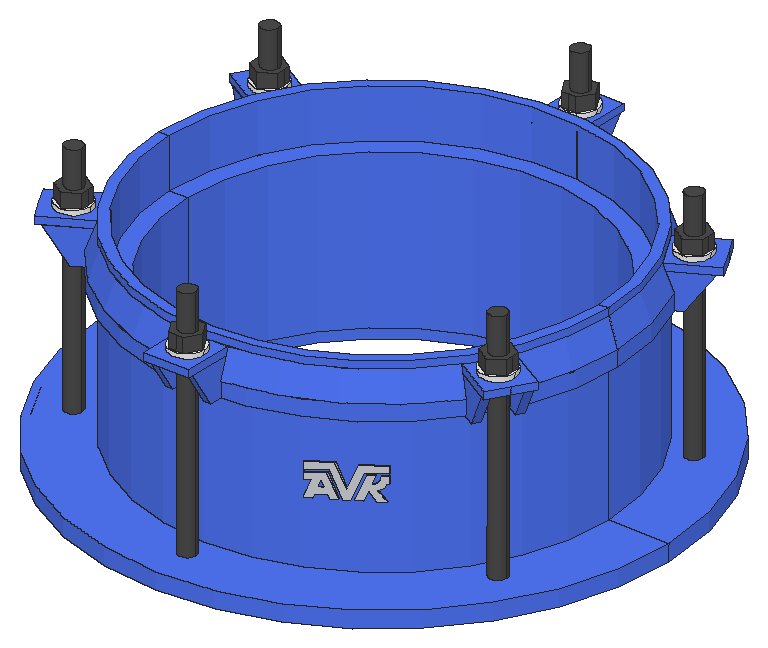
Revit family "603-A-6100-DN250", category Pipe Accessories, Revit 2019
Family settings
  Round Connector Dimension = Use Diameter
  Part Type = Valve - Breaks Into
  Work Plane-Based = No
  Always vertical = Yes
  Cut with Voids When Loaded = No
  Shared = No
Parameters (values of type "DN250_280 - 306")
  Washer_Ref = Bolt_Ref + 10 mm  # 35 mm
  Washer = 3 mm  # constant formula
  URL product pages = "https://www.avkvalves.com/P.aspx?no=6033060006100"
  Search_table = "603-A-6100-DN250"
  Rib_width = size_lookup(Search_table, "Rib_width", 0 mm, [Nomianal_Diameter(DN)])  # 410 mm
  Rib_length = 32 mm  # constant formula
  Rib_Thickness = 5 mm  # constant formula
  PCD = size_lookup(Search_table, "PCD", 0 mm, [Nomianal_Diameter(DN)])  # 350 mm
  Nut = 10 mm  # constant formula
  Max_Height = size_lookup(Search_table, "Max_Height", 0 mm, [Nomianal_Diameter(DN)])  # 180 mm
  L1 = size_lookup(Search_table, "L1", 0 mm, [Nomianal_Diameter(DN)])  # 58 mm
  L = size_lookup(Search_table, "L", 0 mm, [Nomianal_Diameter(DN)]) - 7 mm  # 112 mm
  ID = [Nomianal_Diameter(DN)] / 2  # 125.1 mm
  Nomianal_Diameter(DN) = 250.2 mm
  H1 = size_lookup(Search_table, "H1", 0 mm, [Nomianal_Diameter(DN)])  # 35 mm
  Description_ = "AVK UNIVERSAL SUPA® FLANGE ADAPTOR"
  DN2_ref = DN2 * 2  # 280 mm
  DN250_280 - 306 = "603-306-000-6100"
  DN250_266 - 292 = "603-292-000-6100"
  DN250_242 - 268 = "603-268-000-6100"
  DN2 = size_lookup(Search_table, "DN2", 0 mm, [Nomianal_Diameter(DN)]) / 2  # 140 mm
  DN1_ref = DN1 * 2  # 306 mm
  DN1 = size_lookup(Search_table, "DN1", 0 mm, [Nomianal_Diameter(DN)]) / 2  # 153 mm
  D4 = (PCD / 2) + Bottom_Flange_Thicckness  # 187 mm
  D3 = size_lookup(Search_table, "D3", 0 mm, [Nomianal_Diameter(DN)])  # 166.8 mm
  D2 = size_lookup(Search_table, "D2", 0 mm, [Nomianal_Diameter(DN)]) / 2  # 160 mm
  D = size_lookup(Search_table, "D", 0 mm, [Nomianal_Diameter(DN)]) / 2  # 203 mm
  Bottom_Flange_Thicckness = 12 mm  # constant formula
  Bottm_height_2 = size_lookup(Search_table, "Bottm_height_2", 0 mm, [Nomianal_Diameter(DN)])  # 10 mm
  Bottm_height = size_lookup(Search_table, "Bottm_height", 0 mm, [Nomianal_Diameter(DN)])  # 7 mm
  Bottm_cut = size_lookup(Search_table, "Bottm_cut", 0 mm, [Nomianal_Diameter(DN)]) / 2  # 159.5 mm
  Bolt_width = 20 mm  # constant formula
  Bolt_Ref = Max_Height - (L + (H1 - Rib_Thickness) + 13 mm)  # 25 mm
Types (4, lengths in mm): name | Washer_Ref | Max_Height | ID | Nomianal_Diameter(DN) | DN2_ref | DN2 | DN1_ref | DN1 | D2 | Bottm_height_2 | Bolt_Ref
  (no name) | 35 | 180 | 125.1 | 250.2 | 280 | 140 | 306 | 153 | 160 | 10 | 25
  DN250_266 - 292 | 35 | 180 | 125.05 | 250.1 | 266 | 133 | 292 | 146 | 155 | 10 | 25
  DN250_280 - 306 | 35 | 180 | 125.1 | 250.2 | 280 | 140 | 306 | 153 | 160 | 10 | 25
  DN250_242 - 268 | 30 | 175 | 125 | 250 | 242 | 121 | 268 | 134 | 145 | 5 | 20
Reference planes
  plane 1 "Center (Front/Back)": y = 0
  plane 2: z = 0
  plane 3 "Center (Left/Right)": x = 0
  plane 4: y = 205
  plane 5: y = -205
  plane 6: x = -205
  plane 7: x = 205
  plane 8: z = 180
  plane 9: z = 159
  plane 10: y = -12.5
  plane 11: y = 12.5
  plane 12: x = 11
  plane 13: x = -11
  plane 14: y = 175
  plane 15: y = -175
  plane 16: x = 0
  plane 17: x = 0
  plane 18: y = -165
  plane 19: y = -185
  plane 20: x = -5
  plane 21: x = 5
  plane 22: x = 5
  plane 23: x = -5
  plane 24: x = 11
  plane 25: x = -11
  plane 26: y = 175
  plane 27: y = 185
  plane 28: y = 165
  plane 29: x = -5
  plane 30: x = 5
  plane 31: x = 11
  plane 32: x = -11
  plane 33: x = 11
  plane 34: x = -11
  plane 35: x = 64.5
  plane 36: x = -64.5
  plane 37: y = 64.5
  plane 38: y = -64.5
  plane 39: through (0, 0, 1200) normal (-0.5, 0.866, 0)
  plane 40: x = 151.208
  plane 41: x = 151.208
  plane 42: x = 161.208
  plane 43: x = 141.208
  plane 44: y = 86.187
  plane 45: y = 63.813
  plane 46: y = 80
  plane 47: y = 80
  plane 48: y = 70
  plane 49: y = 70
  plane 50: y = 86.187
  plane 51: y = 63.813
  plane 52: x = 151.208
  plane 53: x = 151.208
  plane 54: x = 161.208
  plane 55: x = 141.208
  plane 56: y = -86.187
  plane 57: y = -63.813
  plane 58: y = -80
  plane 59: y = -80
  plane 60: y = -70
  plane 61: y = -70
  plane 62: y = -86.187
  plane 63: y = -63.813
  plane 64: x = -11
  plane 65: x = -11
  plane 66: x = -11
  plane 67: x = -151.208
  plane 68: x = -151.208
  plane 69: x = -161.208
  plane 70: x = -141.208
  plane 71: y = 86.187
  plane 72: y = 63.813
  plane 73: y = 80
  plane 74: y = 80
  plane 75: y = 70
  plane 76: y = 70
  plane 77: y = 86.187
  plane 78: y = 63.813
  plane 79: x = -151.208
  plane 80: x = -151.208
  plane 81: x = -161.208
  plane 82: x = -141.208
  plane 83: y = -86.187
  plane 84: y = -63.813
  plane 85: y = -80
  plane 86: y = -80
  plane 87: y = -70
  plane 88: y = -70
  plane 89: y = -86.187
  plane 90: y = -63.813
  plane 91: through (-146.238, -72.708, 1200) normal (-0.5, 0.866, 0)
  plane 92: through (0, 0, 1200) normal (-0.5, -0.866, 0)
  plane 93: through (0, 0, 1200) normal (0.5, 0.866, 0)
  plane 94: through (0, 0, 1200) normal (0.5, -0.866, 0)
  plane 95: y = 175
  plane 96: y = -175
  plane 97: y = -86.9
  plane 98: y = 87.7
  plane 99: y = -87.7
  plane 100: y = 86.9
  plane 101: z = -7
  plane 102: x = -203
  plane 103: x = 203
Forms (mm)
  Revolve 1, solid, material "Plastic"
    sketch origin (0, 0, 0) x (1, 0, 0) y (0, 0, 1)
      loop
        line (0, 0) -> (203, 0) -> (203, 12) -> (160, 12) -> (160, 112) -> (166.8, 112) -> (166.8, 123) -> (160, 142) -> (160, 147) -> (0, 147) -> (0, 0)
      axis (0, 0) -> (0, 147)
    angle from 0 to 360
  Extrusion 2, solid, material "Plastic"
    sketch origin (0, 0, 0) x (1, 0, 0) y (0, 0, 1)
      loop
        line (-16, 142) -> (-16, 137) -> (16, 137) -> (16, 142) -> (-16, 142)
    from -193.969 to 193.969
  Extrusion 3, solid, material "Stainless Steel AISI 304"
    sketch origin (0, 0, 0) x (1, 0, 0) y (0, 1, 0)
      loop
        circle (0, 175) r 6
      loop
        circle (0, -175) r 6
      loop
        circle (151.208, 87.3) r 6
      loop
        circle (-151.211, 87.292) r 6
      loop
        circle (151.208, -87.3) r 6
      loop
        circle (-151.211, -87.292) r 6
    from 12 to 180
  Extrusion 4, solid, material "Plastic"
    sketch origin (0, 0, 0) x (0, 1, 0) y (0, 0, 1)
      loop
        line (189.941, 137) -> (-189.949, 137) -> (-173.799, 112) -> (170.418, 112) -> (189.941, 137)
    from 11 to 16
  Extrusion 5, solid, material "Stainless Steel AISI 304"
    sketch origin (0, 0, 0) x (1, 0, 0) y (0, 1, 0)
      loop
        line (0, -165) -> (-5, -165) -> (-11, -175) -> (-5, -185) -> (0, -185) -> (5, -185) -> (11, -175) -> (5, -165) -> (0, -165)
      loop
        line (0, 185) -> (-5, 185) -> (-11, 175) -> (-5, 165) -> (0, 165) -> (5, 165) -> (11, 175) -> (5, 185) -> (0, 185)
      loop
        line (141.208, 87.3) -> (141.208, 82.3) -> (151.208, 76.113) -> (161.208, 82.3) -> (161.208, 87.3) -> (161.208, 92.3) -> (151.208, 98.487) -> (141.208, 92.3) -> (141.208, 87.3)
      loop
        line (141.208, -87.3) -> (141.208, -92.3) -> (151.208, -98.487) -> (161.208, -92.3) -> (161.208, -87.3) -> (161.208, -82.3) -> (151.208, -76.113) -> (141.208, -82.3) -> (141.208, -87.3)
      loop
        line (-141.208, 87.3) -> (-141.208, 92.3) -> (-151.208, 98.487) -> (-161.208, 92.3) -> (-161.208, 87.3) -> (-161.208, 82.3) -> (-151.208, 76.113) -> (-141.208, 82.3) -> (-141.208, 87.3)
      loop
        line (-141.208, -87.3) -> (-141.208, -82.3) -> (-151.208, -76.113) -> (-161.208, -82.3) -> (-161.208, -87.3) -> (-161.208, -92.3) -> (-151.208, -98.487) -> (-141.208, -92.3) -> (-141.208, -87.3)
    from 145 to 155
  Extrusion 6, solid, material "Stainless Steel AISI 304(1)"
    sketch origin (0, 0, 0) x (1, 0, 0) y (0, 1, 0)
      loop
        circle (0, 175) r 11.994
      loop
        circle (0, -175) r 12
      loop
        circle (151.208, 87.3) r 12
      loop
        circle (151.208, -87.3) r 12
      loop
        circle (-151.208, 87.3) r 12
      loop
        circle (-151.208, -87.3) r 12
    from 142 to 145
  Revolve 7, solid, material "Plastic"
    sketch origin (0, 0, 0) x (1, 0, 0) y (0, 0, 1)
      loop
        line (140, 0) -> (140, -7) -> (159.5, -7) -> (159.5, 0) -> (140, 0)
      axis (0, -7) -> (0, 0)
    angle from 0 to 360
  Extrusion 8, solid, material "Plastic"
    sketch origin (-149.152, 67.649, 0) x (0.866201, -0.499696, 0) y (0, 0, 1)
      loop
        line (-12.634, 112) -> (337.6, 112) -> (353.26, 137) -> (-26.74, 137) -> (-12.634, 112)
    from 0.01 to -5.38
  Extrusion 9, solid, material "Plastic"
    sketch origin (0, 0, 0) x (1, 0, 0) y (0, 1, 0)
      loop
        line (167.982, 96.985) -> (159.966, 110.87) -> (0, 18.514) -> (-159.966, 110.87) -> (-167.982, 96.985) -> (-175.999, 83.099) -> (-32.066, 0) -> (-175.999, -83.099) -> (-167.982, -96.985) -> (-159.966, -110.87) -> (0, -18.514) -> (159.966, -110.87) -> (167.982, -96.985) -> (175.999, -83.099) -> (32.066, 0) -> (175.999, 83.099) -> (167.982, 96.985)
    from 137 to 142
  Extrusion 10, solid, material "Plastic"
    sketch origin (-133.162, 95.345, 0) x (0.86585, -0.500304, 0) y (0, 0, -1)
      loop
        line (-12.634, -112) -> (-26.74, -137) -> (353.26, -137) -> (337.6, -112) -> (-12.634, -112)
    from 0.01 to -5.38
  Revolve 11, solid, material "Stainless Steel AISI 304"
    sketch origin (0, 0, 0) x (0, 1, 0) y (0, 0, 1)
      loop
        line (175, 0) -> (160, 0) -> (160, -1.032)
        arc (160, -1.032) -> (167.452, -2.393) -> (175, -3.031) r 78.7
        line (175, -3.031) -> (175, 0)
      axis (175, -3.031) -> (175, 0)
    angle from 0 to 360
  Revolve 12, solid, material "Stainless Steel AISI 304"
    sketch origin (0, 0, 0) x (0, -1, 0) y (0, 0, 1)
      loop
        line (175, 0) -> (160, 0) -> (160, -1.032)
        arc (160, -1.032) -> (167.452, -2.393) -> (175, -3.031) r 78.7
        line (175, -3.031) -> (175, 0)
      axis (175, -3.031) -> (175, 0)
    angle from 0 to 360
  Revolve 13, solid, material "Stainless Steel AISI 304"
    sketch origin (-151.208, -261.9, 0) x (0, 1, 0) y (0, 0, 1)
      loop
        line (175, 0) -> (160, 0) -> (160, -1.032)
        arc (160, -1.032) -> (167.452, -2.393) -> (175, -3.031) r 78.7
        line (175, -3.031) -> (175, 0)
      axis (175, -3.031) -> (175, 0)
    angle from 0 to 360
  Revolve 14, solid, material "Stainless Steel AISI 304"
    sketch origin (-151.208, -87.3, 0) x (0, 1, 0) y (0, 0, 1)
      loop
        line (175, 0) -> (160, 0) -> (160, -1.032)
        arc (160, -1.032) -> (167.452, -2.393) -> (175, -3.031) r 78.7
        line (175, -3.031) -> (175, 0)
      axis (175, -3.031) -> (175, 0)
    angle from 0 to 360
  Revolve 15, solid, material "Stainless Steel AISI 304"
    sketch origin (151.208, 87.3, 0) x (0, -1, 0) y (0, 0, 1)
      loop
        line (175, 0) -> (160, 0) -> (160, -1.032)
        arc (160, -1.032) -> (167.452, -2.393) -> (175, -3.031) r 78.7
        line (175, -3.031) -> (175, 0)
      axis (175, -3.031) -> (175, 0)
    angle from 0 to 360
  Revolve 16, solid, material "Stainless Steel AISI 304"
    sketch origin (151.208, 261.9, 0) x (0, -1, 0) y (0, 0, 1)
      loop
        line (175, 0) -> (160, 0) -> (160, -1.032)
        arc (160, -1.032) -> (167.452, -2.393) -> (175, -3.031) r 78.7
        line (175, -3.031) -> (175, 0)
      axis (175, -3.031) -> (175, 0)
    angle from 0 to 360
  Extrusion 17, solid, material "Plastic"
    sketch origin (149.152, 67.649, 0) x (-0.866201, -0.499696, 0) y (0, 0, -1)
      loop
        line (-26.951, -137) -> (352.965, -137) -> (337.212, -112) -> (-4.325, -112) -> (-8.306, -112) -> (-26.951, -137)
    from 0.01 to -5.38
  Extrusion 18, solid, material "Plastic"
    sketch origin (0, 0, 0) x (0, 1, 0) y (0, 0, -1)
      loop
        line (189.941, -137) -> (170.418, -112) -> (-173.799, -112) -> (-189.949, -137) -> (189.941, -137)
    from 11 to 16
  Extrusion 19, solid, material "Plastic"
    sketch origin (133.162, 95.345, 0) x (-0.86585, -0.500304, 0) y (0, 0, 1)
      loop
        line (-26.951, 137) -> (-8.306, 112) -> (-4.325, 112) -> (337.212, 112) -> (352.965, 137) -> (-26.951, 137)
    from 0.01 to -5.38
  Revolve 20, void
    sketch origin (0, 0, 0) x (1, 0, 0) y (0, 0, 1)
      loop
        line (159.5, 0) -> (198, 0) -> (198, 10) -> (159.5, 10) -> (159.5, 0)
      axis (0, 0) -> (0, 10)
    angle from 0 to 360
  Revolve 21, void
    sketch origin (0, 0, 0) x (1, 0, 0) y (0, 0, 1)
      loop
        line (0, 147) -> (0, -7) -> (140, -7) -> (140, 112) -> (153, 112) -> (153, 147) -> (0, 147)
      axis (0, -7) -> (0, 147)
    angle from 0 to 360
Cuts and joins
  Revolve 20, Revolve 21 cuts Revolve 1
  Revolve 20, Revolve 21 cuts Revolve 7
  Revolve 20 cuts Revolve 11
  Revolve 20 cuts Revolve 12
  Revolve 20 cuts Revolve 13
  Revolve 20 cuts Revolve 14
  Revolve 20 cuts Revolve 15
  Revolve 20 cuts Revolve 16
  Revolve 21 cuts Extrusion 2
  Revolve 21 cuts Extrusion 4
  Revolve 21 cuts Extrusion 8
  Revolve 21 cuts Extrusion 9
  Revolve 21 cuts Extrusion 10
  Revolve 21 cuts Extrusion 17
  Revolve 21 cuts Extrusion 18
  Revolve 21 cuts Extrusion 19
Dimensions and locks
  "D": Revolve 1 sketch curve to plane 3 "Center (Left/Right)"
  "Bottom_Flange_Thicckness": Revolve 1 sketch curve to Revolve 1 sketch curve
  "L": Revolve 1 sketch curve to Revolve 1 sketch curve
  "H1": Revolve 1 sketch curve to Revolve 1 sketch curve
  "D2": Revolve 1 sketch curve to Revolve 1 sketch curve  (x2)
  "D3": Revolve 1 sketch curve to Revolve 1 sketch curve
  equal spacing: Extrusion 2 sketch curve, plane 3 "Center (Left/Right)", Extrusion 2 sketch curve
  "Rib_length": Extrusion 2 sketch curve to Extrusion 2 sketch curve
  equal spacing: plane 4, plane 1 "Center (Front/Back)", plane 5
  "Rib_width": plane 4 to plane 5
  equal spacing: plane 6, plane 3 "Center (Left/Right)", plane 7
  "Rib_width": plane 6 to plane 7
  equal spacing: Extrusion 3 sketch curve, plane 1 "Center (Front/Back)", Extrusion 3 sketch curve
  "PCD": Extrusion 3 sketch curve to Extrusion 3 sketch curve
  "Max_Height": plane 8 to level
  "Rib_Thickness": Extrusion 2 sketch curve to Extrusion 2 sketch curve
  "Rib_Thickness": Extrusion 2 to plane 12
  "Rib_Thickness": Extrusion 2 to plane 13
  equal spacing: plane 14, plane 1 "Center (Front/Back)", plane 15
  "PCD": plane 14 to plane 15
  equal spacing: plane 20, plane 17, plane 21
  equal spacing: plane 18, plane 15, plane 19
  plane 20 to plane 21 = 10 mm
  "Bolt_width": plane 18 to plane 19
  equal spacing: plane 29, plane 17, plane 30
  equal spacing: plane 28, plane 26, plane 27
  plane 29 to plane 30 = 10 mm
  "Bolt_width": plane 28 to plane 27
  equal spacing: Extrusion 6 sketch curve, plane 1 "Center (Front/Back)", Extrusion 6 sketch curve
  "PCD": Extrusion 6 sketch curve to Extrusion 6 sketch curve
  "DN2": Revolve 7 sketch curve to plane 3 "Center (Left/Right)"
  "Bottm_cut": Revolve 7 sketch curve to plane 3 "Center (Left/Right)"
  "Rib_Thickness": Revolve 1 sketch curve to Revolve 1 sketch curve
  "Washer_Ref": plane 8 to Extrusion 6
  "Bolt_Ref": plane 8 to Extrusion 5
  equal spacing: plane 42, plane 41, plane 43
  plane 46 to plane 48 = 10 mm
  plane 47 to plane 49 = 10 mm
  "Bolt_width": plane 42 to plane 43
  equal spacing: plane 54, plane 53, plane 55
  plane 58 to plane 60 = 10 mm
  plane 59 to plane 61 = 10 mm
  "Bolt_width": plane 54 to plane 55
  equal spacing: plane 69, plane 68, plane 70
  plane 73 to plane 75 = 10 mm
  plane 74 to plane 76 = 10 mm
  "Bolt_width": plane 69 to plane 70
  equal spacing: plane 81, plane 80, plane 82
  plane 85 to plane 87 = 10 mm
  plane 86 to plane 88 = 10 mm
  "Bolt_width": plane 81 to plane 82
  Revolve 11 sketch curve to Revolve 11 sketch curve = 15 mm
  Revolve 12 sketch curve to Revolve 12 sketch curve = 15 mm
  Revolve 13 sketch curve to Revolve 13 sketch curve = 15 mm
  Revolve 14 sketch curve to Revolve 14 sketch curve = 15 mm
  Revolve 15 sketch curve to Revolve 15 sketch curve = 15 mm
  Revolve 16 sketch curve to Revolve 16 sketch curve = 15 mm
  "Bottm_height": level to plane 101
  cut or joined group of Revolve 1, Revolve 20, Revolve 21 to cut or joined group of Revolve 7, Revolve 20, Revolve 21 = 119 mm
  equal spacing: plane 103, plane 3 "Center (Left/Right)", plane 102
  plane 103 to plane 102 = 406 mm
  "D": plane 103 to plane 3 "Center (Left/Right)"
  plane 8 to cut or joined group of Revolve 7, Revolve 20, Revolve 21 = 187 mm
  locked: plane 103 to Revolve 20 sketch curve at 5
  plane 8 to cut or joined group of Revolve 1, Revolve 20, Revolve 21 = 170 mm
  "Bottm_height_2": Revolve 20 sketch curve to cut or joined group of Revolve 1, Revolve 20, Revolve 21
  "Bottm_cut": Revolve 20 sketch curve to plane 3 "Center (Left/Right)"
  locked: plane 1 "Center (Front/Back)" to plane 97 at 86.9
  locked: plane 98 to plane 1 "Center (Front/Back)" at 87.7
  locked: plane 1 "Center (Front/Back)" to plane 99 at 87.7
  locked: plane 1 "Center (Front/Back)" to plane 96 at 175
  "DN1": Revolve 21 sketch curve to plane 3 "Center (Left/Right)"
  "DN2": Revolve 21 sketch curve to plane 3 "Center (Left/Right)"
  radius of Extrusion 6 sketch curve = 11.994 mm
  radius of Extrusion 6 sketch curve = 12 mm  (x5)
  radius of Extrusion 3 sketch curve = 6 mm  (x4)
  aligned and locked: level to plane 2
  aligned and locked: Revolve 1 sketch curve to plane 3 "Center (Left/Right)"
  aligned and locked: Revolve 1 sketch curve to Revolve 1 sketch curve
  aligned and locked: Revolve 1 to Extrusion 2 sketch curve
  aligned and locked: Extrusion 3 to plane 8
  aligned and locked: Extrusion 2 to Extrusion 4 sketch curve
  aligned and locked: Extrusion 4 to Extrusion 2
  aligned and locked: Extrusion 4 to plane 12
  aligned and locked: plane 22 to Extrusion 5 sketch curve
  aligned and locked: plane 18 to Extrusion 5 sketch curve  (x2)
  aligned and locked: Extrusion 5 sketch curve to plane 23
  aligned and locked: plane 20 to Extrusion 5 sketch curve
  aligned and locked: plane 19 to Extrusion 5 sketch curve  (x2)
  aligned and locked: Extrusion 5 sketch curve to plane 21
  aligned and locked: plane 24 to Extrusion 5 sketch curve
  aligned and locked: plane 15 to Extrusion 5 sketch curve  (x2)
  aligned and locked: Extrusion 5 sketch curve to plane 25
  aligned and locked: plane 28 to Extrusion 5 sketch curve  (x2)
  aligned and locked: plane 30 to Extrusion 5 sketch curve  (x2)
  aligned and locked: Extrusion 5 sketch curve to plane 29  (x2)
  aligned and locked: plane 27 to Extrusion 5 sketch curve  (x2)
  aligned and locked: plane 34 to Extrusion 5 sketch curve
  aligned and locked: Extrusion 5 sketch curve to plane 33
  aligned and locked: plane 26 to Extrusion 5 sketch curve  (x2)
  aligned and locked: plane 26 to plane 14
  aligned and locked: plane 3 "Center (Left/Right)" to Revolve 7 sketch curve
  aligned and locked: Revolve 1 to Revolve 7
  aligned and locked: Extrusion 3 to Revolve 1
  aligned and locked: Extrusion 5 to Extrusion 6
  aligned and locked: plane 43 to Extrusion 5 sketch curve  (x2)
  aligned and locked: plane 42 to Extrusion 5 sketch curve  (x2)
  aligned and locked: plane 41 to Extrusion 5 sketch curve  (x2)
  aligned and locked: plane 41 to plane 40
  aligned and locked: Extrusion 5 sketch curve to plane 55  (x2)
  aligned and locked: Extrusion 5 sketch curve to plane 54  (x2)
  aligned and locked: Extrusion 5 sketch curve to plane 53  (x2)
  aligned and locked: plane 52 to plane 53
  aligned and locked: Extrusion 5 sketch curve to plane 70  (x2)
  aligned and locked: Extrusion 5 sketch curve to plane 69  (x2)
  aligned and locked: Extrusion 5 sketch curve to plane 68  (x2)
  aligned and locked: plane 67 to plane 68
  aligned and locked: plane 82 to Extrusion 5 sketch curve  (x2)
  aligned and locked: plane 81 to Extrusion 5 sketch curve  (x2)
  aligned and locked: plane 80 to Extrusion 5 sketch curve  (x2)
  aligned and locked: plane 80 to plane 79
  aligned and locked: Revolve 11 sketch curve to plane 95  (x2)
  aligned and locked: plane 96 to Revolve 12 sketch curve  (x2)
  aligned and locked: Revolve 13 sketch curve to plane 97  (x2)
  aligned and locked: Revolve 14 sketch curve to plane 98  (x2)
  aligned and locked: plane 99 to Revolve 15 sketch curve  (x2)
  aligned and locked: plane 100 to Revolve 16 sketch curve  (x2)
  aligned and locked: Revolve 11 to Revolve 20 sketch curve
  aligned and locked: plane 3 "Center (Left/Right)" to Revolve 20 sketch curve
  aligned and locked: plane 101 to cut or joined group of Revolve 7, Revolve 20, Revolve 21
  aligned and locked: cut or joined group of Revolve 13, Revolve 20 to cut or joined group of Revolve 1, Revolve 20, Revolve 21
  aligned and locked: cut or joined group of Revolve 1, Revolve 20, Revolve 21 to cut or joined group of Revolve 12, Revolve 20
  aligned and locked: cut or joined group of Revolve 1, Revolve 20, Revolve 21 to cut or joined group of Revolve 15, Revolve 20
  aligned and locked: Revolve 21 sketch curve to Revolve 21 sketch curve
  aligned and locked: Revolve 21 sketch curve to cut or joined group of Revolve 1, Revolve 20, Revolve 21
  aligned and locked: plane 3 "Center (Left/Right)" to Revolve 21 sketch curve
  aligned and locked: cut or joined group of Revolve 1, Revolve 20, Revolve 21 to Revolve 21 sketch curve
Automatic sketch dimensions
  plane 5 to Extrusion 4 sketch curve = 15.051 mm
  Extrusion 4 sketch curve to Extrusion 4 sketch curve = 16.15 mm
  Extrusion 4 sketch curve to plane 4 = 34.582 mm
  Extrusion 4 sketch curve to plane 4 = 15.059 mm
  Extrusion 4 sketch curve to Extrusion 4 sketch curve = 25 mm
  Extrusion 8 sketch curve to Extrusion 8 sketch curve = 14.106 mm
  Extrusion 8 sketch curve to Extrusion 8 sketch curve = 350.234 mm
  Extrusion 8 sketch curve to Extrusion 8 sketch curve = 15.66 mm
  Extrusion 9 sketch curve to plane 39 = 0 mm
  Extrusion 9 sketch curve to plane 92 = 0 mm
  plane 1 "Center (Front/Back)" to Extrusion 9 sketch curve = 0 mm  (x2)
  Extrusion 9 sketch curve to plane 3 "Center (Left/Right)" = 0 mm  (x2)
  plane 92 to Extrusion 9 sketch curve = 0 mm
  plane 39 to Extrusion 9 sketch curve = 0 mm
  Extrusion 9 sketch curve to plane 13 = 21.066 mm
  Extrusion 9 sketch curve to plane 6 = 45.034 mm  (x2)
  Extrusion 9 sketch curve to plane 1 "Center (Front/Back)" = 96.985 mm  (x2)
  plane 1 "Center (Front/Back)" to Extrusion 9 sketch curve = 96.985 mm  (x2)
  Extrusion 9 sketch curve to Extrusion 9 sketch curve = 8.017 mm  (x4)
  plane 12 to Extrusion 9 sketch curve = 21.066 mm
  plane 7 to Extrusion 9 sketch curve = 45.034 mm  (x2)
  Extrusion 9 sketch curve to Extrusion 9 sketch curve = 13.885 mm
  Extrusion 9 sketch curve to plane 11 = 6.014 mm
  Extrusion 10 sketch curve to plane 9 = 22 mm
  Extrusion 10 sketch curve to plane 9 = 47 mm
  Extrusion 10 sketch curve to Extrusion 10 sketch curve = 14.106 mm
  Extrusion 10 sketch curve to Extrusion 10 sketch curve = 350.234 mm
  Extrusion 10 sketch curve to Extrusion 10 sketch curve = 15.66 mm
  Revolve 11 sketch curve to plane 95 = 2.848 mm
  Revolve 11 sketch curve to level = 1.032 mm
  Revolve 11 sketch curve to level = 3.031 mm
  Revolve 11 sketch curve to Revolve 11 sketch curve = 6.048 mm
  Revolve 11 sketch curve to Revolve 11 sketch curve = 5 mm
  Revolve 12 sketch curve to level = 0 mm
  plane 96 to Revolve 12 sketch curve = 2.848 mm
  level to Revolve 12 sketch curve = 1.032 mm
  level to Revolve 12 sketch curve = 3.031 mm
  Revolve 12 sketch curve to Revolve 12 sketch curve = 6.048 mm
  Revolve 12 sketch curve to Revolve 12 sketch curve = 5 mm
  Revolve 13 sketch curve to level = 0 mm
  Revolve 13 sketch curve to plane 97 = 2.848 mm
  Revolve 13 sketch curve to level = 1.032 mm
  Revolve 13 sketch curve to level = 3.031 mm
  Revolve 13 sketch curve to Revolve 13 sketch curve = 6.048 mm
  Revolve 13 sketch curve to Revolve 13 sketch curve = 5 mm
  Revolve 14 sketch curve to level = 0 mm
  Revolve 14 sketch curve to plane 98 = 2.848 mm
  Revolve 14 sketch curve to level = 1.032 mm
  Revolve 14 sketch curve to level = 3.031 mm
  Revolve 14 sketch curve to Revolve 14 sketch curve = 6.048 mm
  Revolve 14 sketch curve to Revolve 14 sketch curve = 5 mm
  Revolve 15 sketch curve to level = 0 mm
  plane 99 to Revolve 15 sketch curve = 2.848 mm
  level to Revolve 15 sketch curve = 1.032 mm
  level to Revolve 15 sketch curve = 3.031 mm
  Revolve 15 sketch curve to Revolve 15 sketch curve = 6.048 mm
  Revolve 15 sketch curve to Revolve 15 sketch curve = 5 mm
  Revolve 16 sketch curve to level = 0 mm
  plane 100 to Revolve 16 sketch curve = 2.848 mm
  level to Revolve 16 sketch curve = 1.032 mm
  level to Revolve 16 sketch curve = 3.031 mm
  Revolve 16 sketch curve to Revolve 16 sketch curve = 6.048 mm
  Revolve 16 sketch curve to Revolve 16 sketch curve = 5 mm
  Extrusion 17 sketch curve to plane 9 = 22 mm
  Extrusion 17 sketch curve to Extrusion 17 sketch curve = 18.645 mm
  Extrusion 17 sketch curve to Extrusion 17 sketch curve = 3.981 mm
  Extrusion 17 sketch curve to Extrusion 17 sketch curve = 341.537 mm
  Extrusion 17 sketch curve to Extrusion 17 sketch curve = 15.753 mm
  plane 5 to Extrusion 18 sketch curve = 15.051 mm
  Extrusion 18 sketch curve to Extrusion 18 sketch curve = 16.15 mm
  Extrusion 18 sketch curve to plane 4 = 34.582 mm
  Extrusion 18 sketch curve to plane 4 = 15.059 mm
  Extrusion 18 sketch curve to plane 9 = 22 mm
  Extrusion 18 sketch curve to Extrusion 18 sketch curve = 25 mm
  Extrusion 19 sketch curve to plane 9 = 22 mm
  Extrusion 19 sketch curve to Extrusion 19 sketch curve = 18.645 mm
  Extrusion 19 sketch curve to Extrusion 19 sketch curve = 3.981 mm
  Extrusion 19 sketch curve to plane 9 = 47 mm
  Extrusion 19 sketch curve to Extrusion 19 sketch curve = 341.537 mm
  Extrusion 19 sketch curve to Extrusion 19 sketch curve = 15.753 mm
  Extrusion 8 sketch curve to Extrusion 8 sketch curve = 25 mm
  Revolve 11 sketch curve to level = 0 mm
  Extrusion 17 sketch curve to Extrusion 17 sketch curve = 25 mm
  Extrusion 8 sketch curve to plane 9 = 22 mm
  Revolve 1 sketch curve to level = 0 mm
  Revolve 1 sketch curve to Revolve 1 sketch curve = 11 mm
  Revolve 1 sketch curve to Revolve 1 sketch curve = 0.069 mm
  Revolve 1 sketch curve to Revolve 1 sketch curve = 0.201 mm
  Extrusion 3 sketch curve to plane 3 "Center (Left/Right)" = 0 mm  (x2)
  plane 92 to Extrusion 3 sketch curve = 0 mm
  Extrusion 3 sketch curve to plane 39 = 0 mm
  plane 102 to Extrusion 3 sketch curve = 51.789 mm  (x2)
  Extrusion 3 sketch curve to plane 103 = 51.792 mm  (x2)
  plane 10 to Extrusion 3 sketch curve = 74.792 mm
  Extrusion 3 sketch curve to plane 11 = 74.792 mm
  Extrusion 5 sketch curve to plane 3 "Center (Left/Right)" = 0 mm  (x4)
  plane 56 to Extrusion 5 sketch curve = 12.3 mm  (x2)
  plane 56 to Extrusion 5 sketch curve = 6.113 mm  (x4)
  plane 56 to Extrusion 5 sketch curve = 1.113 mm  (x4)
  plane 58 to Extrusion 5 sketch curve = 2.3 mm  (x4)
  Extrusion 5 sketch curve to plane 58 = 3.887 mm  (x2)
  Extrusion 5 sketch curve to plane 46 = 3.887 mm  (x2)
  plane 46 to Extrusion 5 sketch curve = 2.3 mm  (x4)
  plane 44 to Extrusion 5 sketch curve = 1.113 mm  (x4)
  Extrusion 5 sketch curve to Extrusion 5 sketch curve = 5 mm  (x4)
  Extrusion 5 sketch curve to Extrusion 5 sketch curve = 6.187 mm  (x2)
  Extrusion 6 sketch curve to plane 39 = 0 mm  (x2)
  Extrusion 6 sketch curve to plane 92 = 0 mm
  Extrusion 6 sketch curve to plane 3 "Center (Left/Right)" = 0 mm  (x2)
  plane 92 to Extrusion 6 sketch curve = 0 mm
  Extrusion 6 sketch curve to plane 37 = 22.8 mm  (x2)
  Extrusion 6 sketch curve to plane 38 = 22.8 mm  (x2)
  Revolve 7 sketch curve to plane 101 = 0 mm
  Revolve 7 sketch curve to level = 0 mm
  level to Revolve 7 sketch curve = 21.248 mm
  Revolve 7 sketch curve to Revolve 7 sketch curve = 16.264 mm
  Revolve 20 sketch curve to plane 101 = 8 mm
  Revolve 20 sketch curve to Revolve 20 sketch curve = 20 mm
  Revolve 21 sketch curve to plane 101 = 0 mm
  level to Revolve 21 sketch curve = 28.748 mm
  Revolve 21 sketch curve to Revolve 21 sketch curve = 42.5 mm
  radius of Extrusion 3 sketch curve = 6 mm  (x2)
Nested families
  nested 1: "LOGO - Copy - Copy - Copy - Copy" at (83.154, -136.694, 47) x (0.8543, 0.5197, 0) z (0.5197, -0.8543, 0), type "LOGO - Copy - Copy - Copy - Copy"
Connectors
  piping at (0, 0, 147), diameter 306, driven by "DN1_ref"
    settings: on Revolve 1, index 1, connector inside diameter 609.6 mm, connector length 0 mm, flow factor 0, pipe flow 0.0 L/s, pressure drop 0.0 Pa, fitting loss kfactor 0, connector angle 0.00°, fixture units 0, engagement length 0 mm, angle of deflection 0.00°, flow configuration 0, flow direction 0, fitting loss method 0, system type 7, joint type 0, gender type 0, connector reference index -1, connector utility 0, adjustable connector no, is connector primary yes, connector description ""
  piping at (0, 0, -7), diameter 280, driven by "DN2_ref"
    settings: on Revolve 7, index 2, connector inside diameter 609.6 mm, connector length 0 mm, flow factor 0, pipe flow 0.0 L/s, pressure drop 0.0 Pa, fitting loss kfactor 0, connector angle 0.00°, fixture units 0, engagement length 0 mm, angle of deflection 0.00°, flow configuration 0, flow direction 0, fitting loss method 0, system type 7, joint type 0, gender type 0, connector reference index -1, connector utility 0, adjustable connector no, is connector primary no, connector description ""
Definition of nested family "LOGO - Copy - Copy - Copy - Copy"
  Parameters (values of type "LOGO - Copy - Copy - Copy - Copy")
    Default Elevation = 1219.2 mm
  Reference planes
    plane 1 "Center (Front/Back)": y = 0
    plane 2: z = 0
    plane 3 "Center (Left/Right)": x = 0
  Forms (mm)
    Extrusion 1, solid
      sketch origin (0, 0, 0) x (1, 0, 0) y (0, 1, 0)
        loop
          line (-1219.2, 1219.2) -> (-1219.2, -1219.2) -> (1219.2, -1219.2) -> (1219.2, 1219.2) -> (-1219.2, 1219.2)
      from 0 to -304.8
    Extrusion 2, solid
      sketch origin (0, 0, 0) x (1, 0, 0) y (0, 1, 0)
        loop
          line (-6.514, 34.224) -> (-24, 34.224) -> (-24, 29.481) -> (-9.766, 29.481) -> (-2.391, 11.367) -> (2.391, 11.367) -> (9.766, 29.481) -> (24, 29.481) -> (24, 34.224) -> (6.514, 34.224) -> (0, 18.224) -> (-6.514, 34.224)
        loop
          line (-10.996, 27.653) -> (-24, 27.653) -> (-24, 23.081) -> (-19.503, 23.081) -> (-24, 11.367) -> (-18.92, 11.367) -> (-17.955, 13.881) -> (-10.51, 13.881) -> (-9.486, 11.367) -> (-4.365, 11.367) -> (-10.996, 27.653)
        loop
          line (-16.777, 18.224) -> (-12.278, 18.224) -> (-14.594, 23.912) -> (-16.777, 18.224)
        loop
          line (4.365, 11.367) -> (9.486, 11.367) -> (12.093, 17.77) -> (16.918, 11.367) -> (22.857, 11.367) -> (17.399, 18.61)
          arc (17.399, 18.61) -> (20.583, 20.18) -> (22.629, 23.081) r 7.2
          line (22.629, 23.081) -> (24, 23.081) -> (24, 27.653) -> (19.429, 27.653)
          arc (19.429, 27.653) -> (17.763, 23.526) -> (13.699, 21.714) r 5.943
          line (13.699, 21.714) -> (16.117, 27.653) -> (10.996, 27.653) -> (4.365, 11.367)
      from 0 to 1
  Dimensions and locks
    aligned and locked: plane 2 to Extrusion 1
    aligned and locked: level to Extrusion 1
    aligned and locked: Extrusion 2 sketch curve to import instance
